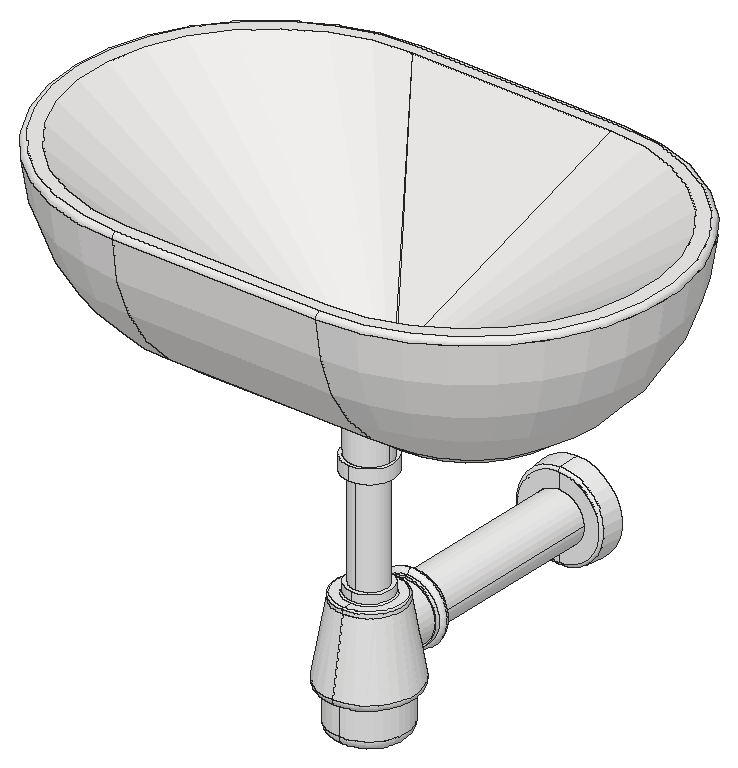
Revit family "ok-Celite_Basic_Cuba de Apoio R3_73085", category Plumbing Fixtures, Revit 2014
Parameters (values of type "Branca - 73085")
  WFU = 2
  Type Comments = ""
  Raio Ponto de Esgoto = 20 mm
  Place on face [instance] = no
  Outros Complementos [instance] = "Sifão para lavatório 1\"x1.1⁄2\" com tubo de 300 mm (B5816C5CRB) + Válvula de escoamento para lavatório, 1\" sem ladrão com tampa plástica (B5828C5CR3), linha Complementos - Metais Celite"
  Louças [instance] = Celite - Louça_Branca
  Desnível Aux. Ponto de Esgoto [instance] = 100 mm
  HWFU = 0
  Diâmetro Ponto de Esgoto = Raio Ponto de Esgoto * 2  # 40 mm
  Distância Parede/Face [instance] = 50 mm
  Tipo de Sifão [instance] = Celite_Complementos_Sifão de Uso Geral : Sifão para lavatório - B5816C5CRB
  Complemento Celite [instance] = yes
  URL = "http://www.celite.com.br"
  Selo de Qualidade ofcdesk = "Standard"  # constant formula
  Model = Celite: Código  # "73085"
  Metais [instance] = Celite - Cromado
  Manufacturer = Celite: Fabricante  # "Celite"
  Elevação somente no plano [instance] = 800 mm
  Description = Celite: Descrição  # "Cuba de apoio R3 sem mesa para metais cor branca (73085), linha Basic - Louças Celite"
  Default Elevation = 0 mm
  Desenvolvido por = "ofcdesk"  # constant formula
  Com Válvula (quantificável) [instance] = yes
  Com Sifão (quantificável) [instance] = yes
  Celite: Versão = "Autodesk Revit MEP 2014"  # constant formula
  Celite: Vazão de Esgoto [instance] = 0.0 L/s
  Celite: Tipo = "Cubas"  # constant formula
  Celite: Produto = "Louças"  # constant formula
  Celite: Norma = "ABNT NBR 15097-1: 2011 - Requisitos e métodos de ensaio"
  Celite: Link do Produto = "http://www.celite.com.br/pt/produtos/categoria/1/tipo/1/linha/2/"
  Celite: Linha = "Basic"  # constant formula
  Celite: Informações Técnicas [instance] = "N/A"
  Celite: Informações Gerais [instance] = "N/A"
  Celite: Fabricante = "Celite"  # constant formula
  Celite: Desenho Técnico = "http://www.celite.com.br/media/uploads/desenhos_tecnicos/73085_-_85085_PR.CUBA_DE_APOIO_P10_2d_jpg.jpg"
  Celite: Descrição = "Cuba de apoio R3 sem mesa para metais cor branca (73085), linha Basic - Louças Celite"
  Celite: Código = "73085"
  Celite: Cores Disponíveis = "Branco"
  Celite: Copyright © = "© 2014 Celite"  # constant formula
  Celite: Complementos [instance] = if(Complemento Celite, Outros Complementos, "N/A")  # "Sifão para lavatório 1\"x1.1⁄2\" com tubo de 300 mm (B5816C5CRB) + Válvula de escoamento para lavatório, 1\" sem ladrão com tampa plástica (B5828C5CR3), linha Complementos - Metais Celite"
  Celite: Categoria = "Cubas e Lavatórios"  # constant formula
  Celite: Altura da torneira [instance] = Elevação somente no plano  # 800 mm
  Celite: Altura da Peça [instance] = Elevação somente no plano  # 800 mm
  Celite: Altura Ponto de Esgoto [instance] = Altura Ponto de Esgoto  # 620 mm
  CWFU = 0
  Assembly Code = "D2010400"
  Desnível Ponto de Esgoto [instance] = if(not(Place on face), Elevação somente no plano - Altura Ponto de Esgoto, Desnível Aux. Ponto de Esgoto)  # 180 mm
  Altura Ponto de Esgoto [instance] = 620 mm
Reference planes
  plane 1 "Center (Front/Back)": y = 0
  plane 2: z = 0
  plane 3 "Center (Left/Right)": x = 0
  plane 4: z = 800
  plane 5: y = -345
  plane 6: z = 620
  plane 7: y = -197.5
  plane 8: y = -50
  plane 9: z = 742.426
  plane 10: z = 804.633
  plane 11: z = 734.133
Dimensions and locks
  "Elevação somente no plano": plane 4 to plane 2
  "Desnível Ponto de Esgoto": plane 4 to plane 6
  plane 10 to plane 4 to plane 9 to plane 11 = 4.633 mm locked, 57.574 mm locked, 8.293 mm locked
  plane 8 to plane 7 to plane 5 = 147.5 mm locked, 147.5 mm locked
  "Distância Parede/Face": plane 8 to plane 1 "Center (Front/Back)"
  aligned and locked: level to plane 2
  aligned and locked: nested 3 to plane 7
  aligned and locked: plane 1 "Center (Front/Back)" to nested 3
  aligned and locked: plane 6 to nested 3
  aligned and locked: plane 9 to nested 3
  aligned and locked: plane 3 "Center (Left/Right)" to nested 1
  aligned and locked: plane 7 to nested 1
  aligned and locked: plane 7 to nested 2
Nested families
  nested 1: "73085" at (0, -197.5, 800), Louças <- "Louças", type "73085"
    with Raio do Furo 25 mm, Louças Celite - Louça_Branca
  nested 2: "Celite_Complementos_Válvula de Escoamento" at (0, -197.5, 804.633), Metais <- "Metais", visible <- "Com Válvula (quantificável)", type "Válvula de escoamento para lavatório - B5828C5CR3"
    with Raio2 30 mm, Raio1 16 mm, Raio furo 15 mm, Metais Celite - Cromado, L/Rosca 55.596 mm, Comprimento 70.5 mm, Celite: Norma "ABNT NBR 15423:2006 - Requisitos e métodos de ensaio"
  nested 3: "Celite_Complementos_Sifão de Uso Geral" at (0, 0, 620), visible <- "Com Sifão (quantificável)", Metais <- "Metais", Celite: Vazão de Projeto <- "Celite: Vazão de Esgoto", type "Sifão para lavatório - B5816C5CRB"
    with Raio1 16 mm, Metais Celite - Cromado, Elevação 0 mm, Celite: Vazão de Projeto 0.0 L/s, Celite: Informações Técnicas "N/A", Celite: Informações Gerais "N/A", Celite: Altura da Peça 0 mm, Ajuste Vetical no Lavatório 122.426 mm, Afastamento da Parede 197.5 mm
Connectors
  piping at (0, -14.131, 620), diameter 40, driven by "Raio Ponto de Esgoto", driven by "Celite: Vazão de Esgoto", driven by "WFU"
    settings: on nested 3, index 1, connector inside diameter 609.6 mm, connector length 0 mm, flow factor 0, pipe flow 0.0 L/s, pressure drop 0.0 kPa, fitting loss kfactor 0, connector angle 0.00°, fixture units 2, engagement length 0 mm, angle of deflection 0.00°, flow configuration 3, flow direction 2, fitting loss method 0, system type 16, joint type 0, gender type 0, connector reference index -1, connector utility 0, adjustable connector no, is connector primary yes, connector description ""
Definition of nested family "73085"
  Parameters (values of type "73085")
    WFU = 0
    Type Comments = ""
    Raio do Furo [instance] = 30 mm
    HWFU = 0
    URL = "http://www.celite.com.br"
    Selo de Qualidade ofcdesk = "Standard"  # constant formula
    Model = ""
    Manufacturer = "Celite"
    Louças [instance] = none
    Description = ""
    Default Elevation = 0 mm
    Desenvolvido por = "ofcdesk"  # constant formula
    CWFU = 0
    Assembly Code = ""
  Reference planes
    plane 1 "Center (Front/Back)": y = 0
    plane 2: z = 0
    plane 3 "Center (Left/Right)": x = 0
    plane 4: z = 130
    plane 5: x = -225
    plane 6: y = 147.5
    plane 7: y = -147.5
    plane 8: x = 225
  Forms (mm)
    Blend 1, void
      base sketch origin (0, 0, 0) x (1, 0, 0) y (0, 1, 0)
        loop
          line (0, 30.22) -> (-1.053, 30.22)
          arc (-1.053, 30.22) -> (-31.053, 0.22) -> (-1.053, -29.78) r 30
          line (-1.053, -29.78) -> (0.784, -29.78)
          arc (0.784, -29.78) -> (30.784, 0.22) -> (0.784, 30.22) r 30
          line (0.784, 30.22) -> (0, 30.22)
      top sketch origin (0, 0, 0) x (1, 0, 0) y (0, 1, 0)
        loop
          line (-75.576, -135.517) -> (75.576, -135.517)
          arc (75.576, -135.517) -> (211.059, -0.034) -> (75.576, 135.449) r 135.483
          line (75.576, 135.449) -> (-75.576, 135.449)
          arc (-75.576, 135.449) -> (-211.059, -0.034) -> (-75.576, -135.517) r 135.483
      from 0 to 130
    Sweep 2, solid, material <- "Louças"
      path origin (0, 0, 0) x (1, 0, 0) y (0, 1, 0)
        loop
          arc (-77.497, 147.5) -> (-224.997, 0) -> (-77.497, -147.5) r 147.5
          line (-77.497, -147.5) -> (77.497, -147.5)
          arc (77.497, -147.5) -> (224.997, 0) -> (77.497, 147.5) r 147.5
          line (77.497, 147.5) -> (-77.497, 147.5)
      profile origin (0, 147.5, 0) x (0, 1, 0) y (0, 0, 1)
        loop
          line (-94.151, 130) -> (-94.151, 0) -> (-82.421, 0)
          arc (-82.421, 0) -> (-80.164, 2.751) -> (-77.266, 4.816) r 13.491
          arc (-77.266, 4.816) -> (-22.673, 55.141) -> (0, 125.844) r 145.574
          arc (0, 125.844) -> (-1.079, 128.769) -> (-3.943, 130) r 3.949
          line (-3.943, 130) -> (-94.151, 130)
    Extrusion 3, solid, material <- "Louças"
      sketch origin (0, 0, 0) x (1, 0, 0) y (0, 1, 0)
        loop
          line (77.497, 53.349) -> (-77.497, 53.349)
          arc (-77.497, 53.349) -> (-130.846, 0) -> (-77.497, -53.349) r 53.349
          line (-77.497, -53.349) -> (77.497, -53.349)
          arc (77.497, -53.349) -> (130.846, 0) -> (77.497, 53.349) r 53.349
      from 0 to 130
  Cuts and joins
    Blend 1 cuts Sweep 2
    Blend 1 cuts Extrusion 3
    joined: Sweep 2, Extrusion 3
  Dimensions and locks
    plane 3 "Center (Left/Right)" to Sweep 2 sketch curve = 224.997 mm
    plane 4 to level = 130 mm
    plane 7 to plane 6 = 295 mm
    plane 7 to plane 1 "Center (Front/Back)" to plane 6 = 147.5 mm, 147.5 mm
    plane 5 to plane 3 "Center (Left/Right)" to plane 8 = 225 mm, 225 mm
    plane 5 to plane 8 = 450 mm
    "Raio do Furo": radius of Blend 1 sketch curve
    aligned and locked: level to plane 2
  Automatic sketch dimensions
    Blend 1 sketch curve to plane 7 = 11.983 mm
    Blend 1 sketch curve to plane 3 "Center (Left/Right)" = 75.576 mm
    plane 3 "Center (Left/Right)" to Blend 1 sketch curve = 75.576 mm
    plane 1 "Center (Front/Back)" to Blend 1 sketch curve = 0.034 mm
    Sweep 2 sketch curve to plane 6 = 0 mm
    plane 1 "Center (Front/Back)" to Sweep 2 sketch curve = 0 mm
    Sweep 2 sketch curve to plane 3 "Center (Left/Right)" = 77.497 mm
    plane 3 "Center (Left/Right)" to Sweep 2 sketch curve = 77.497 mm
    Sweep 2 sketch curve to level = 0 mm
    Sweep 2 sketch curve to profile plane = 0 mm  (x2)
    profile plane to Sweep 2 sketch curve = 3.943 mm
    Sweep 2 sketch curve to level = 7.108 mm
    profile plane to Sweep 2 sketch curve = 70.954 mm
    Sweep 2 sketch curve to Sweep 2 sketch curve = 11.467 mm
    Sweep 2 sketch curve to Sweep 2 sketch curve = 90.207 mm
    Sweep 2 sketch curve to Sweep 2 sketch curve = 51.223 mm
    level to Sweep 2 sketch curve = 126.051 mm
    Sweep 2 sketch curve to Sweep 2 sketch curve = 3.949 mm
    plane 1 "Center (Front/Back)" to Extrusion 3 sketch curve = 0 mm
    Extrusion 3 sketch curve to plane 3 "Center (Left/Right)" = 77.497 mm
    plane 3 "Center (Left/Right)" to Extrusion 3 sketch curve = 77.497 mm
    plane 1 "Center (Front/Back)" to Extrusion 3 sketch curve = 53.349 mm
    Blend 1 sketch curve to plane 3 "Center (Left/Right)" = 0 mm
    Blend 1 sketch curve to plane 1 "Center (Front/Back)" = 0.22 mm
    Blend 1 sketch curve to plane 3 "Center (Left/Right)" = 1.053 mm
    plane 3 "Center (Left/Right)" to Blend 1 sketch curve = 0.784 mm
Definition of nested family "Celite_Complementos_Válvula de Escoamento"
  Parameters (values of type "Válvula de escoamento para lavatório - B5828C5CR3")
    Waste Connection = 1 = 0  # no
    WFU = 0  # constant formula
    Vent Connection = 1 = 0  # no
    URL = "http://www.celite.com.br"
    Selo de Qualidade ofcdesk = "Standard"  # constant formula
    Raio1 [instance] = 16 mm
    Raio2 [instance] = 30 mm
    Raio furo [instance] = 15 mm
    Model = Celite: Código  # "B5828C5CR3"
    Metais [instance] = Celite - Cromado
    Manufacturer = Celite: Fabricante  # "Celite"
    L/Rosca [instance] = 59.5 mm
    HWFU = 0  # constant formula
    HW Connection = 1 = 0  # no
    Desenvolvido por = "ofcdesk"  # constant formula
    Description = Celite: Descrição  # "Válvula de escoamento para lavatório, 1\" sem ladrão com tampa plástica (B5828C5CR3), Complementos - Metais Celite"
    Default Elevation = 0 mm
    Comprimento [instance] = 70.5 mm
    Celite: Versão = "Autodesk Revit MEP 2014"  # constant formula
    Celite: Tipo = "Válvulas de escoamento"  # constant formula
    Celite: Produto = "Metais"  # constant formula
    Celite: Norma [instance] = "ABNT NBR 15423:2006 - Requisitos e métodos de ensaio"
    Celite: Link do Produto = "http://www.celite.com.br/pt/produtos/categoria/2/tipo/10/subtipo/19/"
    Celite: Linha = "Válvulas"  # constant formula
    Celite: Informações Técnicas = "N/A"
    Celite: Informações Gerais = "N/A"
    Celite: Fabricante = "Celite"  # constant formula
    Celite: Desenho Técnico = "http://www.celite.com.br/media/uploads/desenhos_tecnicos/A5828C5CR3_Valvula_de_escoamento_Lavatorio.pdf"
    Celite: Descrição = "Válvula de escoamento para lavatório, 1\" sem ladrão com tampa plástica (B5828C5CR3), Complementos - Metais Celite"
    Celite: Código = "B5828C5CR3"
    Celite: Cores Disponíveis = "Cromado"
    Celite: Copyright © = "© 2014 Celite"  # constant formula
    Celite: Categoria = "Complementos"  # constant formula
    CW Connection = 1 = 0  # no
    Assembly Code = "D2010"
  Types (5, lengths in mm): name | Raio1 | Raio2 | Raio furo | Model | L/Rosca | Description | Comprimento | Celite: Desenho Técnico | Celite: Descrição | Celite: Código
    (no name) | 16 | 30 | 15 | "B5828C5CR3" | 59.5 | "Válvula de escoamento para lavatório, 1\" sem ladrão com tampa plástica (B5828C5CR3), Complementos - Metais Celite" | 70.5 | "http://www.celite.com.br/media/uploads/desenhos_tecnicos/A5828C5CR3_Valvula_de_escoamento_Lavatorio.pdf" | "Válvula de escoamento para lavatório, 1\" sem ladrão com tampa plástica (B5828C5CR3), Complementos - Metais Celite" | "B5828C5CR3"
    Válvula de escoamento para lavatório - B5828C5CR3 | 16 | 30 | 15 | "B5828C5CR3" | 59.5 | "Válvula de escoamento para lavatório, 1\" sem ladrão com tampa plástica (B5828C5CR3), Complementos - Metais Celite" | 70.5 | "http://www.celite.com.br/media/uploads/desenhos_tecnicos/A5828C5CR3_Valvula_de_escoamento_Lavatorio.pdf" | "Válvula de escoamento para lavatório, 1\" sem ladrão com tampa plástica (B5828C5CR3), Complementos - Metais Celite" | "B5828C5CR3"
    Válvula de escoamento para tanque - B5829C5CR3 | 20 | 32.8 | 18 | "B5829C5CR3" | 57 | "Válvula de escoamento para tanque (B5829C5CR3), Complementos - Metais Celite" | 65.5 | "http://www.celite.com.br/media/uploads/desenhos_tecnicos/A5829C5CR3_Valvula_de_escoamento_Tanque.pdf" | "Válvula de escoamento para tanque (B5829C5CR3), Complementos - Metais Celite" | "B5829C5CR3"
    Válvula de escoamento para cozinha - B5830C5CRB | 25 | 44 | 25 | "B5830C5CRB" | 35 | "Válvula de escoamento para cozinha, 3.1/2\" x 1.1/2\" com cesta metal (B5830C5CRB), Complementos - Metais Celite" | 45 | "http://www.celite.com.br/media/uploads/desenhos_tecnicos/A5830C5CRB_Valvula_de_escoamento_Cozinha_3-1.2.pdf" | "Válvula de escoamento para cozinha, 3.1/2\" x 1.1/2\" com cesta metal (B5830C5CRB), Complementos - Metais Celite" | "B5830C5CRB"
    Válvula de escoamento para cozinha - B5831C5CRB | 25 | 56.5 | 30 | "B5831C5CRB" | 35 | "Válvula de escoamento para cozinha, 4.1/2\" x 1.1/2\" com cesta metal (B5831C5CRB), Complementos - Metais Celite" | 49 | "http://www.celite.com.br/media/uploads/desenhos_tecnicos/A5831C5CRB_Valvula_de_escoamento_Cozinha_4-1.2.pdf" | "Válvula de escoamento para cozinha, 4.1/2\" x 1.1/2\" com cesta metal (B5831C5CRB), Complementos - Metais Celite" | "B5831C5CRB"
  Reference planes
    plane 1 "Center (Front/Back)": y = 0
    plane 2: z = 0
    plane 3 "Center (Left/Right)": x = 0
    plane 4: z = -70.5
    plane 5: z = -11
  Forms (mm)
    Extrusion 1, solid
      sketch origin (0, 0, 0) x (1, 0, 0) y (0, 1, 0)
        loop
          line (-400, 400) -> (-400, -400.224) -> (399.59, -400.224) -> (399.59, 400) -> (-400, 400)
      from 0 to -304.8
    Revolve 2, solid, material "Celite - Cromado" <- "Metais"
      sketch origin (0, 0, 0) x (1, 0, 0) y (0, 0, 1)
        loop
          line (0, -8.185) -> (-15, -8.185) -> (-15, 1) -> (-30, 1) -> (-30, 0) -> (-16, -11) -> (-16, -70.5) -> (0, -70.5) -> (0, -8.185)
        axis (0, 1) -> (0, -70.5)
      angle from 0 to 360
  Dimensions and locks
    "Comprimento": level to plane 4
    "L/Rosca": plane 5 to plane 4
    "Raio1": plane 3 "Center (Left/Right)" to Revolve 2 sketch curve
    "Raio2": plane 3 "Center (Left/Right)" to Revolve 2 sketch curve
    locked: plane 2 to Revolve 2 sketch curve at 8.185
    "Raio furo": plane 3 "Center (Left/Right)" to Revolve 2 sketch curve
    aligned and locked: plane 2 to Extrusion 1
    aligned and locked: level to Extrusion 1
    aligned and locked: Revolve 2 sketch curve to plane 3 "Center (Left/Right)"  (x2)
    aligned and locked: plane 5 to Revolve 2 sketch curve
    aligned and locked: plane 4 to Revolve 2 sketch curve
    aligned and locked: level to Revolve 2 sketch curve
  Automatic sketch dimensions
    Extrusion 1 sketch curve to Extrusion 1 sketch curve = 799.59 mm
    Extrusion 1 sketch curve to Extrusion 1 sketch curve = 800.224 mm
    Revolve 2 sketch curve to Revolve 2 sketch curve = 1 mm
    level to Revolve 2 sketch curve = 25 mm
    Revolve 2 sketch curve to Revolve 2 sketch curve = 60 mm
Definition of nested family "Celite_Complementos_Sifão de Uso Geral"
  Parameters (values of type "Sifão para cozinha - B5817C5CRB")
    WFU = 2
    URL = "http://www.celite.com.br"
    Selo de Qualidade ofcdesk = "Standard"  # constant formula
    Raio1 [instance] = 16 mm
    Raio Ponto de Esgoto = 20 mm
    Model = Celite: Código  # "B5817C5CRB"
    Metais [instance] = Celite - Cromado
    Manufacturer = Celite: Fabricante  # "Celite"
    Elevação [instance] = 680 mm
    Diâmetro Ponto de Esgoto = Raio Ponto de Esgoto * 2  # 40 mm
    Desenvolvido por = "ofcdesk"  # constant formula
    Description = Celite: Descrição  # "Sifão para cozinha 1.1⁄2”x 1.1⁄2” com tubo de 300 mm (B5817C5CRB), linha Complementos - Metais Celite"
    Default Elevation = 0 mm
    Celite: Versão = "Autodesk Revit MEP 2014"  # constant formula
    Celite: Vazão de Projeto [instance] = 0.0 L/s
    Celite: Tipo = "Sifões"  # constant formula
    Celite: Produto = "Metais"  # constant formula
    Celite: Norma = "ABNT NBR 14162:2011 - Requisitos e métodos de ensaio"
    Celite: Link do Produto = "http://www.celite.com.br/pt/produtos/categoria/2/tipo/10/subtipo/9/"
    Celite: Linha = "Complementos"  # constant formula
    Celite: Informações Técnicas [instance] = "N/A"
    Celite: Informações Gerais [instance] = "N/A"
    Celite: Fabricante = "Celite"  # constant formula
    Celite: Desenho Técnico = "http://www.celite.com.br/media/uploads/desenhos_tecnicos/A5817C5CRB.gif"
    Celite: Descrição = "Sifão para cozinha 1.1⁄2”x 1.1⁄2” com tubo de 300 mm (B5817C5CRB), linha Complementos - Metais Celite"
    Celite: Código = "B5817C5CRB"
    Celite: Cores Disponíveis = "Cromado"
    Celite: Copyright © = "© 2014 Celite"  # constant formula
    Celite: Categoria = "Cozinhas e Lavatórios"  # constant formula
    Celite: Altura da Peça [instance] = Elevação  # 680 mm
    Assembly Code = "D2010"
    Ajuste Vetical no Lavatório [instance] = 100 mm
    Afastamento da Parede [instance] = 300 mm
  Types (6, lengths in mm): name | Raio Ponto de Esgoto | Model | Diâmetro Ponto de Esgoto | Description | Celite: Desenho Técnico | Celite: Descrição | Celite: Código
    (no name) | 20 | "B5817C5CRB" | 40 | "Sifão para cozinha 1.1⁄2”x 1.1⁄2” com tubo de 300 mm (B5817C5CRB), linha Complementos - Metais Celite" | "http://www.celite.com.br/media/uploads/desenhos_tecnicos/A5817C5CRB.gif" | "Sifão para cozinha 1.1⁄2”x 1.1⁄2” com tubo de 300 mm (B5817C5CRB), linha Complementos - Metais Celite" | "B5817C5CRB"
    Sifão para lavatório - B5816C5CRB | 20 | "B5816C5CRB" | 40 | "Sifão para lavatório 1\"x1.1⁄2\" com tubo de 300 mm (B5816C5CRB), linha Complementos - Metais Celite" | "http://www.celite.com.br/media/uploads/desenhos_tecnicos/A5816C5CRB.gif" | "Sifão para lavatório 1\"x1.1⁄2\" com tubo de 300 mm (B5816C5CRB), linha Complementos - Metais Celite" | "B5816C5CRB"
    Sifão para tanque com adaptador para 2" - B5005C5CRB | 30 | "B5005C5CRB" | 60 | "Sifão para tanque 1.1⁄4”x 1.1⁄2” com adaptador para 2” e tubo de 200 mm (B5005C5CRB), linha Complementos - Metais Celite" | "http://www.celite.com.br/media/uploads/desenhos_tecnicos/A5005C5CRB.gif" | "Sifão para tanque 1.1⁄4”x 1.1⁄2” com adaptador para 2” e tubo de 200 mm (B5005C5CRB), linha Complementos - Metais Celite" | "B5005C5CRB"
    Sifão para tanque - B5005C5CRB | 20 | "B5005C5CRB" | 40 | "Sifão para tanque 1.1⁄4”x 1.1⁄2” e tubo de 200 mm (B5005C5CRB), linha Complementos - Metais Celite" | "http://www.celite.com.br/media/uploads/desenhos_tecnicos/A5005C5CRB.gif" | "Sifão para tanque 1.1⁄4”x 1.1⁄2” e tubo de 200 mm (B5005C5CRB), linha Complementos - Metais Celite" | "B5005C5CRB"
    Sifão para cozinha com adaptador para 2" - B5817C5CRB | 30 | "B5817C5CRB" | 60 | "Sifão para cozinha 1.1⁄2”x 1.1⁄2” com adaptador para 2” e tubo de 300 mm (B5817C5CRB), linha Complementos - Metais Celite" | "http://www.celite.com.br/media/uploads/desenhos_tecnicos/A5817C5CRB.gif" | "Sifão para cozinha 1.1⁄2”x 1.1⁄2” com adaptador para 2” e tubo de 300 mm (B5817C5CRB), linha Complementos - Metais Celite" | "B5817C5CRB"
    Sifão para cozinha - B5817C5CRB | 20 | "B5817C5CRB" | 40 | "Sifão para cozinha 1.1⁄2”x 1.1⁄2” com tubo de 300 mm (B5817C5CRB), linha Complementos - Metais Celite" | "http://www.celite.com.br/media/uploads/desenhos_tecnicos/A5817C5CRB.gif" | "Sifão para cozinha 1.1⁄2”x 1.1⁄2” com tubo de 300 mm (B5817C5CRB), linha Complementos - Metais Celite" | "B5817C5CRB"
  Reference planes
    plane 1 "Center (Front/Back)": y = 0
    plane 2: z = 0
    plane 3 "Center (Left/Right)": x = 0
    plane 4: y = -300
    plane 5: z = 780
    plane 6: z = 680
  Forms (mm)
    Sweep 1, solid, material "Celite - Cromado" <- "Metais"
      path origin (0, 1442.421, 680) x (0, 1, 0) y (-1, 0, 0)
        loop
          line (-1442.421, 0) -> (-1697.421, 0)
      profile origin (0, -127.5, 680) x (1, 0, 0) y (0, 0, 1)
        loop
          circle (0, 0) r 19.05
        loop
          circle (0, 0) r 16
    Revolve 2, solid, material "Celite - Cromado" <- "Metais"
      sketch origin (0, 0, 0) x (0, 1, 0) y (0, 0, 1)
        loop
          line (-255, 680) -> (-255, 701.589)
          arc (-255, 701.589) -> (-256.067, 704.702) -> (-258.821, 706.505) r 5.073
          arc (-258.821, 706.505) -> (-261.574, 706.108) -> (-263.24, 703.88) r 3.635
          line (-263.24, 703.88) -> (-265.857, 703.88) -> (-265.857, 680) -> (-255, 680)
        axis (-265.857, 680) -> (-255, 680)
      angle from 0 to 360
    SweptBlend 3, solid, material "Celite - Cromado" <- "Metais"
      path origin (0, 0, 0) x (0, 1, 0) y (0, 0, 1)
        loop
          line (-265.857, 680) -> (-300, 680)
      profile origin (0, -265.857, 680) x (0, 0, -1) y (1, 0, 0)
        loop
          circle (0, 0) r 22.486
      end profile origin (0, -300, 680) x (0, 0, -1) y (1, 0, 0)
        loop
          circle (0, 0) r 21.589
    Revolve 4, solid, material "Celite - Cromado" <- "Metais"
      sketch origin (0, 0, 0) x (0, 1, 0) y (0, 0, 1)
        loop
          line (-300, 704.157) -> (-274.606, 704.157) -> (-274.606, 707.127)
          arc (-274.606, 707.127) -> (-274.901, 707.84) -> (-275.614, 708.135) r 1.008
          line (-275.614, 708.135) -> (-282.5, 708.135) -> (-283.521, 709.156) -> (-300, 709.156) -> (-300, 704.157)
        axis (-300, 709.156) -> (-300, 704.157)
      angle from 0 to 360
    Sweep 5, solid, material "Celite - Cromado" <- "Metais"
      path origin (0, 0, 0) x (0, 1, 0) y (0, 0, 1)
        loop
          line (-300, 709.156) -> (-300, 715.122)
      profile origin (0, -300, 712.139) x (0, -1, 0) y (1, 0, 0)
        loop
          circle (0, 0) r 16.479
    Sweep 6, solid, material "Celite - Cromado" <- "Metais"
      path origin (0, 0, 0) x (0, 1, 0) y (0, 0, 1)
        loop
          line (-300, 715.122) -> (-300, 769.613)
      profile origin (0, -300, 742.368) x (0, -1, 0) y (1, 0, 0)
        loop
          circle (0, 0) r 13
    Revolve 7, solid, material "Celite - Cromado" <- "Metais"
      sketch origin (0, 0, 0) x (0, 1, 0) y (0, 0, 1)
        loop
          line (0, 699.07) -> (0, 714.571)
          arc (0, 714.571) -> (-7.459, 714.035) -> (-14.888, 713.172) r 170.27
          arc (-14.888, 713.172) -> (-16.254, 712.452) -> (-16.959, 711.077) r 2.565
          line (-16.959, 711.077) -> (-16.959, 699.07) -> (0, 699.07)
        axis (-16.959, 680) -> (0, 680)
      angle from 0 to 360
    Sweep 8, void
      path origin (0, 1442.421, 680) x (0, 1, 0) y (-1, 0, 0)
        loop
          line (-1440.976, 0) -> (-1456.552, 0)
      profile origin (0, -6.343, 680) x (1, 0, 0) y (0, 0, 1)
        loop
          circle (0, 0) r 30
    Revolve 9, solid, material "Celite - Cromado" <- "Metais"
      sketch origin (0, 0, 0) x (0, 1, 0) y (0, 0, 1)
        loop
          line (-300, 771.707) -> (-300, 769.613) -> (-281.111, 769.613) -> (-281.111, 780) -> (-284, 780) -> (-284, 771.707) -> (-300, 771.707)
        axis (-300, 780) -> (-300, 769.613)
      angle from 0 to 360
    Revolve 10, solid, material "Celite - Cromado" <- "Metais"
      sketch origin (0, 0, 0) x (0, 1, 0) y (0, 0, 1)
        loop
          line (-300, 704.157) -> (-325.394, 704.157) -> (-334.85, 649.952)
          arc (-334.85, 649.952) -> (-333.712, 646.324) -> (-330.244, 644.765) r 4.638
          line (-330.244, 644.765) -> (-328.223, 644.765) -> (-328.223, 621.563)
          arc (-328.223, 621.563) -> (-326.054, 616.326) -> (-320.818, 614.157) r 7.405
          line (-320.818, 614.157) -> (-300, 614.157) -> (-300, 704.157)
        axis (-300, 704.157) -> (-300, 614.157)
      angle from 0 to 360
  Cuts and joins
    Sweep 8 cuts Sweep 1
    joined: Sweep 1, Revolve 2, SweptBlend 3, Revolve 4, Sweep 5, Sweep 6, Revolve 9, Revolve 10
    Sweep 8 cuts Revolve 7
  Dimensions and locks
    "Ajuste Vetical no Lavatório": plane 5 to plane 6
    "Elevação": plane 6 to level
    locked: Sweep 1 sketch curve to plane 4 at 45
    Sweep 8 sketch curve to Sweep 8 sketch curve = 15.576 mm
    Revolve 7 sketch curve to Revolve 7 sketch curve to Revolve 7 sketch curve = 14.888 mm locked, 2.071 mm locked
    locked: Revolve 9 sketch curve to Revolve 9 sketch curve at 2.889
    "Raio1": Revolve 9 sketch curve to plane 4
    plane 5 to Revolve 9 sketch curve to Revolve 9 sketch curve = 8.293 mm locked, 2.093 mm locked
    Revolve 7 sketch curve to Revolve 7 sketch curve to Revolve 7 sketch curve to Revolve 7 sketch curve to plane 6 = 1.399 mm locked, 2.095 mm locked, 12.007 mm locked, 19.07 mm locked
    "Afastamento da Parede": plane 1 "Center (Front/Back)" to plane 4
    radius of Sweep 1 sketch curve = 16 mm
    radius of Revolve 7 sketch curve = 2.565 mm
    aligned and locked: level to plane 2
    aligned and locked: plane 6 to Revolve 2 sketch curve
    aligned and locked: Revolve 2 sketch curve to plane 6
    aligned and locked: SweptBlend 3 sketch curve to plane 6
    aligned and locked: Revolve 4 sketch curve to plane 4
    aligned and locked: Sweep 5 sketch curve to plane 4
    aligned and locked: Revolve 4 to Sweep 5 sketch curve
    aligned and locked: Sweep 5 sketch curve to Revolve 4  (x2)
    aligned and locked: Sweep 5 to Sweep 6 sketch curve
    aligned and locked: Sweep 6 sketch curve to plane 4
    aligned and locked: Revolve 9 sketch curve to plane 4
    aligned and locked: plane 4 to Revolve 9 sketch curve
    aligned and locked: plane 4 to Revolve 10 sketch curve
    aligned and locked: Revolve 10 sketch curve to plane 4
    aligned and locked: plane 4 to SweptBlend 3 sketch curve
    aligned and locked: cut or joined group of Sweep 1, Revolve 2, SweptBlend 3, Revolve 4, Sweep 5, Sweep 6, Sweep 8, Revolve 9, Revolve 10 to SweptBlend 3 sketch curve
    aligned and locked: plane 6 to Sweep 8 sketch curve
    aligned and locked: plane 3 "Center (Left/Right)" to Sweep 8 sketch curve
  Automatic sketch dimensions
    Sweep 1 sketch curve to plane 3 "Center (Left/Right)" = 0 mm
    Revolve 4 sketch curve to plane 4 = 0 mm
    plane 4 to Revolve 4 sketch curve = 16.479 mm
    Revolve 4 sketch curve to Revolve 4 sketch curve = 1.021 mm  (x2)
    Revolve 4 sketch curve to Revolve 4 sketch curve = 6.886 mm
    Revolve 4 sketch curve to Revolve 4 sketch curve = 1.008 mm
    plane 6 to Revolve 4 sketch curve = 22.296 mm
    Revolve 4 sketch curve to Revolve 4 sketch curve = 1.862 mm
    Revolve 4 sketch curve to Revolve 4 sketch curve = 0 mm
    Revolve 4 sketch curve to Revolve 4 sketch curve = 2.97 mm
    Sweep 6 sketch curve to plane 3 "Center (Left/Right)" = 0 mm
    Sweep 6 sketch curve to profile plane = 0 mm
    SweptBlend 3 sketch curve to plane 3 "Center (Left/Right)" = 0 mm  (x2)
    SweptBlend 3 sketch curve to profile plane = 0 mm  (x2)
    Sweep 1 sketch curve to Sweep 1 sketch curve = 0 mm  (x2)
    Sweep 1 sketch curve to plane 6 = 0 mm
    profile plane to Sweep 1 sketch curve = 0 mm
    Sweep 6 sketch curve to plane 5 = 10.387 mm
    Revolve 7 sketch curve to plane 1 "Center (Front/Back)" = 0 mm  (x2)
    Revolve 7 sketch curve to plane 6 = 0 mm
    Revolve 7 sketch curve to plane 1 "Center (Front/Back)" = 5 mm
    Sweep 5 sketch curve to Sweep 5 sketch curve = 5.967 mm
    Revolve 10 sketch curve to Revolve 10 sketch curve = 20.818 mm
    Revolve 10 sketch curve to Revolve 10 sketch curve = 25.394 mm
    Revolve 10 sketch curve to Revolve 10 sketch curve = 7.405 mm
    Revolve 10 sketch curve to Revolve 10 sketch curve = 2.021 mm
    Revolve 10 sketch curve to Revolve 10 sketch curve = 4.606 mm
    Revolve 10 sketch curve to plane 6 = 95.843 mm
    Revolve 10 sketch curve to Revolve 10 sketch curve = 20 mm
    Revolve 10 sketch curve to Revolve 10 sketch curve = 10 mm
    Revolve 10 sketch curve to Revolve 10 sketch curve = 23.202 mm
    Revolve 10 sketch curve to Revolve 10 sketch curve = 4.638 mm
    plane 6 to Revolve 10 sketch curve = 24.157 mm
    SweptBlend 3 sketch curve to SweptBlend 3 sketch curve = 0 mm  (x2)
    SweptBlend 3 sketch curve to SweptBlend 3 sketch curve = 22.486 mm
    plane 4 to Revolve 2 sketch curve = 34.143 mm
    Revolve 2 sketch curve to Revolve 2 sketch curve = 2.616 mm
    Revolve 2 sketch curve to Revolve 2 sketch curve = 3.167 mm
    Revolve 2 sketch curve to Revolve 2 sketch curve = 0.355 mm
    Revolve 2 sketch curve to Revolve 2 sketch curve = 0.897 mm
    Revolve 2 sketch curve to Revolve 2 sketch curve = 0 mm  (x2)
    Revolve 2 sketch curve to Revolve 2 sketch curve = 4.718 mm
    Revolve 2 sketch curve to Revolve 2 sketch curve = 5 mm
    plane 6 to Revolve 2 sketch curve = 21.589 mm
    Sweep 8 sketch curve to plane 3 "Center (Left/Right)" = 0 mm
    Revolve 7 sketch curve to plane 1 "Center (Front/Back)" = 8.47 mm
    plane 1 "Center (Front/Back)" to Sweep 1 sketch curve = 0 mm
    Revolve 9 sketch curve to plane 5 = 0 mm
    Revolve 9 sketch curve to plane 5 = 3.821 mm
    plane 5 to Revolve 9 sketch curve = 8.366 mm
    radius of Sweep 6 sketch curve = 13 mm
    radius of SweptBlend 3 sketch curve = 21.589 mm
    radius of Sweep 1 sketch curve = 19.05 mm
    radius of Sweep 8 sketch curve = 30 mm
  Connectors
    piping at (0, 0, 680), diameter 40, driven by "WFU", driven by "Raio Ponto de Esgoto", driven by "Celite: Vazão de Projeto"
      settings: on Sweep 1, index 1, connector inside diameter 40 mm, connector length 0 mm, flow factor 0, pipe flow 0.0 L/s, pressure drop 0.0 kPa, fitting loss kfactor 0, connector angle 0.00°, fixture units 2, engagement length 0 mm, angle of deflection 0.00°, flow configuration 3, flow direction 2, fitting loss method 0, system type 16, joint type 0, gender type 0, connector reference index -1, connector utility 0, adjustable connector no, is connector primary yes, connector description ""
